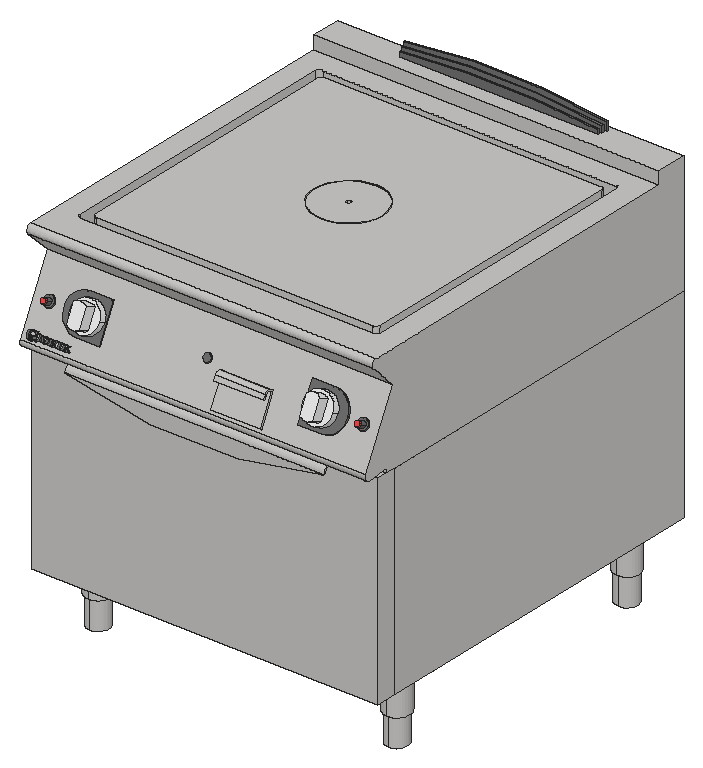
Revit family "QF_GIORIK_TG940E", category Specialty Equipment, Revit 2014
Parameters (values of type "TG940E")
  Weight in Pounds = 418.8778
  Watts = 6000 W
  Waste Water Discharge Temperature [instance] = 0 °C
  Volts = 400 V
  URL Cutsheet = "www.giorik.com"
  URL = "www.giorik.com"
  Status [instance] = ""
  Specification by User [instance] = ""
  Specification by Manufacturer = ""
  Show Logo [instance] = yes
  Show Clearance [instance] = yes
  Serial Number = ""
  Seismic Rating = ""
  SMACNA No = ""
  Revision Code [instance] = ""
  Plumbing Remarks [instance] = ""
  Plumbing Connection Type [instance] = ""
  Phase = 3
  Number of Poles [instance] = 3
  NAFEM Spec ID Number = ""
  Model = "TG940E"
  Min Ckt Ampacity = 0 A
  Mechanical Remarks [instance] = "GPL"
  Mechanical Connection Type [instance] = ""
  Max Overcurrent Protection = 0 A
  Masterspec = ""
  Manufacturer = "GIORIK"
  Item Number [instance] = ""
  Installed By [instance] = ""
  Indirect Waste Size = 1"
  Indirect Waste Flow = 0.0 L/s
  Indirect Waste Connection Type [instance] = ""
  Indirect Waste Connection Height [instance] = 150 mm
  Identify Quantity as Lot [instance] = no
  HP = "8.046120000000"
  Gas Size = 1"
  Gas RI Height [instance] = 0 mm
  Gas KW = 15
  Gas Input = 15000 W
  Gas Connection Height [instance] = 150 mm
  Furnished By [instance] = ""
  Foodservice Equipment Identifier [instance] = yes
  FL Amps = 0 A
  Electrical Remarks [instance] = ""
  Electric Connection Type [instance] = ""
  Elec Conn RI Height [instance] = 0 mm
  Elec Conn Connection Height [instance] = 150 mm
  Description = "GAS SOLID TOP HOB ON ELECTRIC OVEN"
  Cycle = 50 Hz
  Conn Plug = ""
  Conn Conduit [instance] = no
  CSI MasterFormat = ""
  Assembly Code = "E1090320"
  Apparent Power = 6000 VA
Reference planes
  plane 1 "Back": y = 0
  plane 2: z = 0
  plane 3 "Left": x = 0
  plane 4 "Right": x = 800
  plane 5 "Front": y = -920
  plane 6 "Top": z = 900
Forms (mm)
  Extrusion 1, solid
    sketch origin (-16, 1025.948, 0) x (1, 0, 0) y (0, 1, 0)
      loop
        line (25, -1086.81) -> (25, -1156.81) -> (115, -1156.81) -> (115, -1086.81) -> (25, -1086.81)
    from 148 to 150
  Extrusion 2, solid
    sketch origin (-4, 0.138, 130) x (1, 0, 0) y (0, 1, 0)
      loop
        circle (54, -385) r 12.5
    from 0 to 20
  Extrusion 3, solid
    sketch origin (0, 800.138, -20) x (0, 1, 0) y (0, 0, 1)
      loop
        line (-800.138, 919.988) -> (-870.138, 919.988) -> (-870.138, 889.988) -> (-1688.806, 889.988)
        arc (-1688.806, 889.988) -> (-1699.151, 883.075) -> (-1696.724, 870.873) r 11.197
        line (-1696.724, 870.873) -> (-1640.876, 815.025) -> (-1718.948, 661.258)
        arc (-1718.948, 661.258) -> (-1718.233, 650.105) -> (-1708.118, 645.354) r 10.981
        line (-1708.118, 645.354) -> (-1660, 649.925) -> (-1660, 640) -> (-800.138, 640) -> (-800.138, 919.988)
    from 0 to 800
  Extrusion 4, solid
    sketch origin (0, -199.862, 599.536) x (1, 0, 0) y (0, 1, 0)
      loop
        line (0, -640) -> (40, -640) -> (40, 159.862) -> (760, 159.862) -> (760, -640) -> (800, -640) -> (800, 199.862) -> (0, 199.862) -> (0, -640)
    from -449.536 to 20.464
  Extrusion 5, solid
    sketch origin (0, -199.862, 0) x (1, 0, 0) y (0, 1, 0)
      loop
        line (40, 159.862) -> (40, -640) -> (760, -640) -> (760, 159.862) -> (40, 159.862)
    from 150 to 190
  Extrusion 6, solid
    sketch origin (-16, 360.948, 0) x (1, 0, 0) y (0, 1, 0)
      loop
        line (25, -1086.81) -> (25, -1156.81) -> (115, -1156.81) -> (115, -1086.81) -> (25, -1086.81)
    from 148 to 150
  Revolve 7, solid
    sketch origin (54, 360.948, 0) x (0, 1, 0) y (0, 0, 1)
      loop
        line (-1092.56, 66) -> (-1092.56, 148) -> (-1121.81, 148) -> (-1121.81, 0) -> (-1096.81, 0) -> (-1096.81, 66) -> (-1092.56, 66)
      axis (-1121.81, 0) -> (-1121.81, 148)
    angle from 0 to 360
  Extrusion 8, solid
    sketch origin (816, 360.948, 0) x (-1, 0, 0) y (0, -1, 0)
      loop
        line (25, 1086.81) -> (115, 1086.81) -> (115, 1156.81) -> (25, 1156.81) -> (25, 1086.81)
    from 148 to 150
  Revolve 9, solid
    sketch origin (746, 360.948, 0) x (0, 1, 0) y (0, 0, -1)
      loop
        line (-1092.56, -66) -> (-1096.81, -66) -> (-1096.81, 0) -> (-1121.81, 0) -> (-1121.81, -148) -> (-1092.56, -148) -> (-1092.56, -66)
      axis (-1121.81, 0) -> (-1121.81, -148)
    angle from 0 to 360
  Extrusion 10, void
    sketch origin (402.225, -199.862, 900) x (0, 1, 0) y (-1, 0, 0)
      loop
        line (79.862, -337.775) -> (79.862, 342.225)
        arc (79.862, 342.225) -> (76.933, 349.296) -> (69.862, 352.225) r 10
        line (69.862, 352.225) -> (-610.265, 352.225)
        arc (-610.265, 352.225) -> (-617.336, 349.296) -> (-620.265, 342.225) r 10
        line (-620.265, 342.225) -> (-620.265, -337.775)
        arc (-620.265, -337.775) -> (-617.336, -344.846) -> (-610.265, -347.775) r 10
        line (-610.265, -347.775) -> (69.862, -347.775)
        arc (69.862, -347.775) -> (76.933, -344.846) -> (79.862, -337.775) r 10
    from -30.012 to -70.012
  Extrusion 11, solid
    sketch origin (816, -1217.672, 0) x (-1, 0, 0) y (0, -1, 0)
      loop
        line (25, -1086.81) -> (25, -1156.81) -> (115, -1156.81) -> (115, -1086.81) -> (25, -1086.81)
    from 148 to 150
  Revolve 12, solid
    sketch origin (746, -1217.672, 0) x (0, -1, 0) y (0, 0, 1)
      loop
        line (-1092.56, 66) -> (-1092.56, 148) -> (-1121.81, 148) -> (-1121.81, 0) -> (-1096.81, 0) -> (-1096.81, 66) -> (-1092.56, 66)
      axis (-1121.81, 0) -> (-1121.81, 148)
    angle from 0 to 360
  Extrusion 13, solid
    sketch origin (-199.411, -199.862, 829.988) x (0, 1, 0) y (-1, 0, 0)
      loop
        line (59.862, -919.41) -> (59.862, -280.219)
        arc (59.862, -280.219) -> (56.933, -273.148) -> (49.862, -270.219) r 10
        line (49.862, -270.219) -> (-590.265, -270.219)
        arc (-590.265, -270.219) -> (-597.336, -273.148) -> (-600.265, -280.219) r 10
        line (-600.265, -280.219) -> (-600.265, -919.41)
        arc (-600.265, -919.41) -> (-597.336, -926.481) -> (-590.265, -929.41) r 10
        line (-590.265, -929.41) -> (49.862, -929.41)
        arc (49.862, -929.41) -> (56.933, -926.481) -> (59.862, -919.41) r 10
      loop
        circle (-270.201, -600.241) r 80
    from 0 to 40
  Extrusion 14, solid
    sketch origin (-198.539, -99.781, 829.988) x (0, 1, 0) y (-1, 0, 0)
      loop
        circle (-370.282, -599.41) r 78
      loop
        circle (-370.282, -599.41) r 5
    from 0 to 40
  Extrusion 15, solid
    sketch origin (36.031, 0, -10.001) x (1, 0, 0) y (0, 0, 1)
      loop
        line (135, 909.989) -> (592.969, 909.989) -> (592.969, 919.989) -> (440.969, 929.989) -> (287, 929.989) -> (135, 919.989) -> (135, 909.989)
    from 32 to 35
  Extrusion 16, solid
    sketch origin (38, 10, -10.001) x (1, 0, 0) y (0, 0, 1)
      loop
        line (594, 909.989) -> (594, 924.989) -> (440, 937.489) -> (284, 937.489) -> (130, 925.001) -> (130, 909.989) -> (594, 909.989)
    from 32 to 35
  Extrusion 17, solid
    sketch origin (40, 20, -10.001) x (1, 0, 0) y (0, 0, 1)
      loop
        line (595, 909.989) -> (595, 930.001) -> (439, 945.258) -> (281, 945.258) -> (125, 929.989) -> (125, 909.989) -> (595, 909.989)
    from 32 to 35
  Extrusion 18, solid, visible <- "Show Logo"
    sketch origin (-83.044, -936.789, 609.161) x (-1, 0, 0) y (0, 0.452718, 0.891654)
      loop
        line (-118.824, 58.358) -> (-127.804, 58.358) -> (-125.523, 56.445) -> (-125.523, 48.027) -> (-127.804, 46.113) -> (-118.824, 46.113) -> (-121.105, 48.027) -> (-121.105, 56.445) -> (-118.824, 58.358)
      loop
        line (-163.721, 58.358) -> (-172.7, 58.358) -> (-170.42, 56.445) -> (-170.42, 48.027) -> (-172.7, 46.113) -> (-163.721, 46.113) -> (-166.001, 48.027) -> (-166.001, 56.445) -> (-163.721, 58.358)
      loop
        line (-174.332, 58.358) -> (-183.312, 58.358) -> (-181.031, 56.445) -> (-181.031, 52.435) -> (-186.419, 56.955) -> (-184.416, 58.358) -> (-191.268, 58.358) -> (-188.01, 56.839) -> (-185.455, 54.283) -> (-190.846, 47.858) -> (-193.396, 46.93) -> (-193.396, 46.113) -> (-184.416, 46.113) -> (-185.437, 47.571) -> (-182.443, 51.552) -> (-181.031, 50.894) -> (-181.031, 48.027) -> (-183.312, 46.113) -> (-174.332, 46.113) -> (-176.613, 48.027) -> (-176.613, 56.445) -> (-174.332, 58.358)
      loop
        line (-115.429, 62.063) -> (-115.429, 54.198)
        arc (-115.429, 54.198) -> (-111.618, 57.803) -> (-106.847, 59.986) r 16.039
        arc (-106.847, 59.986) -> (-103.314, 59.837) -> (-100.512, 57.68) r 5.851
        arc (-100.512, 57.68) -> (-98.815, 52.267) -> (-100.512, 46.853) r 9.479
        arc (-100.512, 46.853) -> (-102.406, 44.986) -> (-104.846, 43.93) r 7.236
        arc (-104.846, 43.93) -> (-107.728, 44.111) -> (-110.052, 45.825) r 5.11
        line (-110.052, 45.825) -> (-110.052, 52.001) -> (-116.141, 52.001) -> (-116.141, 45.503) -> (-117.893, 43.751) -> (-114.094, 44.769)
        arc (-114.094, 44.769) -> (-112.56, 44.947) -> (-111.129, 44.366) r 3.115
        arc (-111.129, 44.366) -> (-104.216, 42.091) -> (-97.303, 44.366) r 11.641
        arc (-97.303, 44.366) -> (-93.396, 52.107) -> (-97.303, 59.849) r 9.622
        arc (-97.303, 59.849) -> (-104.369, 62.174) -> (-111.435, 59.849) r 11.898
        line (-111.435, 59.849) -> (-115.429, 62.063)
      loop
        arc (-129.234, 56.068) -> (-135.893, 58.628) -> (-142.552, 56.068) r 9.941
        arc (-142.552, 56.068) -> (-144.234, 52.286) -> (-142.552, 48.505) r 5.093
        arc (-142.552, 48.505) -> (-135.893, 45.945) -> (-129.234, 48.505) r 9.941
        arc (-129.234, 48.505) -> (-127.552, 52.286) -> (-129.234, 56.068) r 5.093
      loop
        arc (-132.628, 54.403) -> (-135.893, 57.668) -> (-139.158, 54.403) r 3.265
        line (-139.158, 54.403) -> (-139.158, 50.169)
        arc (-139.158, 50.169) -> (-135.893, 46.904) -> (-132.628, 50.169) r 3.265
        line (-132.628, 50.169) -> (-132.628, 54.403)
      loop
        arc (-156.363, 58.365) -> (-159.647, 55.081) -> (-156.363, 51.796) r 3.285
        line (-156.363, 51.796) -> (-159.529, 47.306) -> (-162.087, 46.113) -> (-155.847, 46.113) -> (-153.529, 51.083) -> (-150.637, 51.083) -> (-150.637, 47.784) -> (-153.022, 46.113) -> (-144.011, 46.113) -> (-146.094, 47.68) -> (-146.094, 56.493) -> (-144.229, 58.365) -> (-156.363, 58.365)
      loop
        line (-150.637, 57.512) -> (-153.637, 57.512)
        arc (-153.637, 57.512) -> (-156.237, 54.912) -> (-153.637, 52.312) r 2.6
        line (-153.637, 52.312) -> (-150.637, 52.312) -> (-150.637, 57.512)
      loop
        line (-108.924, 52.001) -> (-104.936, 49.005) -> (-100.948, 52.001) -> (-108.924, 52.001)
    from 1.5 to -0.5
  Extrusion 19, solid
    sketch origin (-293.248, -1163.984, 52.347) x (1, 0, 0) y (0, 0.452718, 0.891654)
      loop
        line (463.221, 676.25) -> (463.221, 766.25) -> (409.698, 766.25)
        arc (409.698, 766.25) -> (364.698, 721.25) -> (409.698, 676.25) r 45
        line (409.698, 676.25) -> (463.221, 676.25)
    from 48 to 50
  Extrusion 20, solid
    sketch origin (481.304, -1209.336, 74.943) x (-1, 0, 0) y (0, -0.45351, -0.891251)
      loop
        circle (351.331, -721.346) r 35
    from 0 to 15
  Extrusion 21, solid
    sketch origin (481.304, -1209.336, 74.943) x (-1, 0, 0) y (0, -0.45351, -0.891251)
      loop
        arc (336.331, -743.846) -> (351.331, -748.846) -> (366.331, -743.846) r 25
        line (366.331, -743.846) -> (366.331, -698.846)
        arc (366.331, -698.846) -> (351.331, -693.846) -> (336.331, -698.846) r 25
        line (336.331, -698.846) -> (336.331, -743.846)
    from 15 to 40
  Extrusion 22, solid
    sketch origin (75.123, -1180.485, 70.653) x (-1, 0, 0) y (0, -0.452718, -0.891654)
      loop
        circle (38.702, -711.666) r 12.5
    from 25 to 27
  Extrusion 23, solid
    sketch origin (801.331, -1207.487, 77.158) x (-1, 0, 0) y (0, -0.452718, -0.891654)
      loop
        circle (764.91, -718.089) r 6
    from 0 to 15
  Extrusion 24, solid
    sketch origin (801.331, -1208.522, 77.686) x (-1, 0, 0) y (0, -0.452718, -0.891654)
      loop
        circle (764.91, -718.089) r 6
    from 13.838 to 15.838
  Extrusion 25, solid
    sketch origin (302.365, -1206.739, 162.521) x (0, 0.891654, -0.452718) y (0, 0.452718, 0.891654)
      loop
        line (40, 640.1) -> (30, 640.1)
        arc (30, 640.1) -> (22.929, 637.171) -> (20, 630.1) r 10
        line (20, 630.1) -> (20, 620.1) -> (22, 620.1) -> (22, 630.1)
        arc (22, 630.1) -> (24.343, 635.757) -> (30, 638.1) r 8
        line (30, 638.1) -> (38, 638.1) -> (38, 565.1) -> (40, 565.1) -> (40, 640.1)
    from 137.5 to 252.5
  Extrusion 26, solid
    sketch origin (438.629, -1176.168, 79.155) x (-1, 0, 0) y (0, -0.452718, -0.891654)
      loop
        circle (38.657, -711.64) r 9
    from 25 to 27
  Extrusion 27, solid
    sketch origin (1093.193, -1163.984, 52.347) x (-1, 0, 0) y (0, -0.452718, -0.891654)
      loop
        line (463.221, -676.25) -> (409.698, -676.25)
        arc (409.698, -676.25) -> (364.698, -721.25) -> (409.698, -766.25) r 45
        line (409.698, -766.25) -> (463.221, -766.25) -> (463.221, -676.25)
    from 48 to 50
  Extrusion 28, solid
    sketch origin (318.641, -1209.336, 74.943) x (1, 0, 0) y (0, 0.45351, 0.891251)
      loop
        circle (351.331, 721.346) r 35
    from 0 to 15
  Extrusion 29, solid
    sketch origin (318.641, -1209.336, 74.943) x (1, 0, 0) y (0, 0.45351, 0.891251)
      loop
        line (336.331, 743.846) -> (336.331, 698.846)
        arc (336.331, 698.846) -> (351.331, 693.846) -> (366.331, 698.846) r 25
        line (366.331, 698.846) -> (366.331, 743.846)
        arc (366.331, 743.846) -> (351.331, 748.846) -> (336.331, 743.846) r 25
    from 15 to 40
  Extrusion 30, solid
    sketch origin (724.822, -1180.485, 70.653) x (1, 0, 0) y (0, 0.452718, 0.891654)
      loop
        circle (38.702, 711.666) r 12.5
    from 25 to 27
  Extrusion 31, solid
    sketch origin (-1.386, -1207.486, 77.16) x (1, 0, 0) y (0, 0.452718, 0.891654)
      loop
        circle (764.91, 718.089) r 6
    from 0 to 15
  Extrusion 32, solid
    sketch origin (-1.386, -1208.522, 77.686) x (1, 0, 0) y (0, 0.452718, 0.891654)
      loop
        circle (764.91, 718.089) r 6
    from 13.838 to 15.838
  Extrusion 33, solid
    sketch origin (0, -924.862, 0) x (1, 0, 0) y (0, 0, 1)
      loop
        line (0, 620) -> (0, 150) -> (800, 150) -> (800, 620) -> (0, 620)
    from -85 to -40
  Extrusion 34, solid
    sketch origin (2.5, -924.862, -20.1) x (0, 1, 0) y (0, 0, 1)
      loop
        arc (25, 640.1) -> (14.393, 635.707) -> (10, 625.1) r 15
        line (10, 625.1) -> (12, 625.1)
        arc (12, 625.1) -> (15.808, 634.292) -> (25, 638.1) r 13
        line (25, 638.1) -> (40, 638.1) -> (40, 640.1) -> (25, 640.1)
    from 97.5 to 697.5
  Extrusion 35, solid
    sketch origin (2.5, -924.767, -20.1) x (1, 0, 0) y (0, 0, 1)
      loop
        arc (97.5, 625.1) -> (397.5, 582.413) -> (697.5, 625.1) r 1075.531
        line (697.5, 625.1) -> (97.5, 625.1)
    from -11.905 to -9.905
  Extrusion 36, solid, visible <- "Show Clearance", detail levels coarse
    sketch origin (0, -199.862, 0) x (0, 1, 0) y (0, 0, 1)
      loop
        line (-685, 150) -> (-685, 620)
        arc (-685, 620) -> (-1017.34, 482.34) -> (-1155, 150) r 470
        line (-1155, 150) -> (-685, 150)
    from 0 to 800
  Extrusion 37, solid
    sketch origin (700, -230, 130) x (1, 0, 0) y (0, 1, 0)
      loop
        circle (54, -385) r 12.7
    from 0 to 20
  Extrusion 38, solid
    sketch origin (704, -310, 130) x (1, 0, 0) y (0, 1, 0)
      loop
        circle (54, -385) r 20
    from 0 to 20
  Revolve 39, solid
    sketch origin (54, 1025.948, 0) x (0, 1, 0) y (0, 0, 1)
      loop
        line (-1092.56, 66) -> (-1092.56, 148) -> (-1121.81, 148) -> (-1121.81, 0) -> (-1096.81, 0) -> (-1096.81, 66) -> (-1092.56, 66)
      axis (-1121.81, 0) -> (-1121.81, 148)
    angle from 0 to 360
Cuts and joins
  Extrusion 10 cuts Extrusion 3
Lines and regions (mm)
  symbolic lines, style "200-EquipBorder-2D"
    curve 1: line (0, -920, 0) -> (800, -920, 0)
    curve 2: line (800, -920, 0) -> (800, 0, 0)
    curve 3: line (800, 0, 0) -> (0, 0, 0)
    curve 4: line (0, 0, 0) -> (0, -920, 0)
    curve 43: line (114.972, -928.052, 900) -> (114.972, -920, 900)
    curve 44: line (144.972, -928.052, 900) -> (144.972, -920, 900)
    curve 45: arc (114.972, -928.052, 900) -> (129.972, -930.651, 900) -> (144.972, -928.052, 900) r 44.587
    curve 46: arc (654.972, -928.052, 900) -> (669.972, -930.47, 900) -> (684.972, -928.052, 900) r 47.736
    curve 47: line (684.972, -928.052, 900) -> (684.972, -920, 900)
    curve 48: line (654.972, -928.052, 900) -> (654.972, -920, 900)
  symbolic lines, style "200-EquipInternal-2D"
    curve 5: line (0, -70, 900) -> (800, -70, 900)
    curve 6: line (165, -12, 900) -> (635, -12, 900)
    curve 7: line (635, -12, 900) -> (635, -15, 900)
    curve 8: line (635, -15, 900) -> (165, -15, 900)
    curve 9: line (165, -15, 900) -> (165, -12, 900)
    curve 10: line (168, -22, 900) -> (632, -22, 900)
    curve 11: line (632, -22, 900) -> (632, -25, 900)
    curve 12: line (632, -25, 900) -> (168, -25, 900)
    curve 13: line (168, -25, 900) -> (168, -22, 900)
    curve 14: line (171.031, -32, 900) -> (629, -32, 900)
    curve 15: line (629, -32, 900) -> (629, -35, 900)
    curve 16: line (629, -35, 900) -> (171.031, -35, 900)
    curve 17: line (171.031, -35, 900) -> (171.031, -32, 900)
    curve 18: arc (60, -120, 900) -> (52.929, -122.929, 900) -> (50, -130, 900) r 10
    curve 19: line (740, -120, 900) -> (60, -120, 900)
    curve 20: line (719.999, -140, 900) -> (80.808, -140, 900)
    curve 21: line (50, -130, 900) -> (50, -810.127, 900)
    curve 22: line (70.808, -150, 900) -> (70.808, -790.127, 900)
    curve 23: arc (80.808, -140, 900) -> (73.737, -142.929, 900) -> (70.808, -150, 900) r 10
    curve 24: arc (50, -810.127, 900) -> (52.929, -817.198, 900) -> (60, -820.127, 900) r 10
    curve 25: arc (70.808, -790.127, 900) -> (73.737, -797.198, 900) -> (80.808, -800.127, 900) r 10
    curve 26: line (60, -820.127, 900) -> (740, -820.127, 900)
    curve 27: line (80.808, -800.127, 900) -> (719.999, -800.127, 900)
    curve 28: line (750, -810.127, 900) -> (750, -130, 900)
    curve 29: arc (719.999, -800.127, 900) -> (727.07, -797.198, 900) -> (729.999, -790.127, 900) r 10
    curve 30: line (729.999, -790.127, 900) -> (729.999, -150, 900)
    curve 31: arc (740, -820.127, 900) -> (747.071, -817.198, 900) -> (750, -810.127, 900) r 10
    curve 32: arc (729.999, -150, 900) -> (727.07, -142.929, 900) -> (719.999, -140, 900) r 10
    curve 33: arc (750, -130, 900) -> (747.071, -122.929, 900) -> (740, -120, 900) r 10
    curve 34: arc (480.83, -470.064, 900) -> (400.83, -550.064, 900) -> (320.83, -470.064, 900) r 80
    curve 35: arc (478.872, -470.064, 900) -> (400.872, -392.064, 900) -> (322.872, -470.064, 900) r 78
    curve 36: arc (320.83, -470.064, 900) -> (400.83, -390.064, 900) -> (480.83, -470.064, 900) r 80
    curve 37: arc (322.872, -470.064, 900) -> (400.872, -548.064, 900) -> (478.872, -470.064, 900) r 78
    curve 38: arc (405.872, -470.064, 900) -> (400.872, -475.064, 900) -> (395.872, -470.064, 900) r 5
    curve 39: arc (395.872, -470.064, 900) -> (400.872, -465.064, 900) -> (405.872, -470.064, 900) r 5
  symbolic lines, style "QF_Door-Drawer Clearances", visible <- "Show Clearance", detail levels coarse
    curve 40: line (0, -918.81, 900) -> (0, -1354.862, 900)
    curve 41: line (800, -1354.862, 900) -> (800, -920, 900)
    curve 42: line (0, -1354.862, 900) -> (800, -1354.862, 900)
Dimensions and locks
  plane 3 "Left" to plane 4 "Right" = 800 mm
  plane 5 "Front" to plane 1 "Back" = 920 mm
  plane 4 "Right" to plane 3 "Left" = 800 mm
  plane 1 "Back" to plane 5 "Front" = 920 mm
  plane 6 "Top" to level = 900 mm  (x2)
  aligned and locked: level to plane 2
Connectors
  piping at (50, -384.862, 130), diameter 25.4, driven by "Gas Size"
    settings: on Extrusion 2, index 1, connector inside diameter 24", connector length 0 mm, flow factor 0, pipe flow 0.0 L/s, pressure drop 0.0 Pa, fitting loss kfactor 0, connector angle 0.00°, fixture units 0, engagement length 0 mm, angle of deflection 0.00°, flow configuration 1, flow direction 1, fitting loss method 0, system type 22, joint type 0, gender type 0, connector reference index -1, connector utility 0, adjustable connector no, is connector primary yes, connector description "Gas inlet"
  piping at (754, -615, 130), diameter 25.4, driven by "Indirect Waste Size", driven by "Indirect Waste Flow"
    settings: on Extrusion 37, index 2, connector inside diameter 24", connector length 0 mm, flow factor 0, pipe flow 0.0 L/s, pressure drop 0.0 Pa, fitting loss kfactor 0, connector angle 0.00°, fixture units 0, engagement length 0 mm, angle of deflection 0.00°, flow configuration 1, flow direction 2, fitting loss method 0, system type 16, joint type 0, gender type 0, connector reference index -1, connector utility 0, adjustable connector no, is connector primary no, connector description "Water drain"
  electrical at (758, -695, 130), driven by "Apparent Power", driven by "Volts", driven by "Number of Poles"
    settings: on Extrusion 38, index 3, voltage 400 V, apparent load 0 VA, apparent load phase1 6000 VA, apparent load phase2 0 VA, apparent load phase3 0 VA, power factor 1, load classification "Other", number of poles 3, system type 31, power factor state 1, is connector primary yes, connector utility no, sub classification motor no, connector description "Electrical connection"
